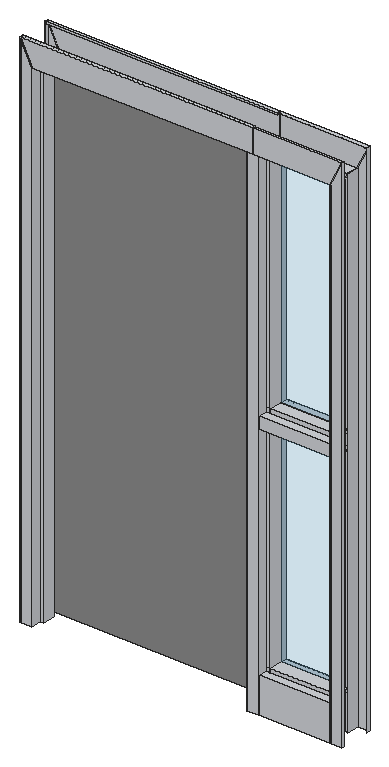
Revit family "SideLight Ext-F-MDMF-36 x 84 -18 LSLT-4 Head", category Doors, host Wall, Revit 2014
Parameters (values of type "Ext-F-MDMF-36" x 84"-18"LSLT-4" Head")
  Width = Door Panel Width  # 3' - 0"
  Wall Thickness [instance] = 0' - 5 3/4"
  URL = ""
  Type Comments = "EXT,"
  Thickness = 0' - 1 3/4"
  Swing Angle [instance] = 90.00°
  Sidelite Width = P1 Width - 0' 2"  # 1' - 0"
  SDI RO Spacing = 0' - 0"
  SDI Panel 1 Width = Leaf Width + 0' 0 3/16"  # 3' - 0"
  SDI No Panels = ""
  SDI Left Sidelite Width = Sidelite Width  # 1' - 0"
  SDI HW Set [instance] = ""
  SDI HW Item LO-2 [instance] = ""
  SDI HW Item LO-1 [instance] = ""
  SDI HW Item KP-2 [instance] = ""
  SDI HW Item KP-1 [instance] = ""
  SDI HW Item HI-2 [instance] = ""
  SDI HW Item HI-1 [instance] = ""
  SDI HW Item HC-2 [instance] = ""
  SDI HW Item HC-1 [instance] = ""
  SDI HW Item ED-2 [instance] = ""
  SDI HW Item ED-1 [instance] = ""
  SDI HW Item DO-2 [instance] = ""
  SDI HW Item DO-1 [instance] = ""
  SDI HW Item CL-2 [instance] = ""
  SDI HW Item CL-1 [instance] = ""
  SDI Glass Material = Glass
  SDI Frame Type = "Left Sidelite"
  SDI Frame Sill Width = 0' - 6"
  SDI Frame Material Type = "Hollow Metal"
  SDI Frame Material = Paint - Generic - Prime
  SDI Frame Manufacturer = ""
  SDI Frame Jamb Width = 0' - 2"
  SDI Frame Head Width = 0' - 4"
  SDI Frame Finish Type = "Painted"
  SDI Frame Finish Color = "Prime"
  SDI Frame Depth [instance] = 0' - 5 3/4"
  SDI Family Version = "1.0"
  SDI Door Panel Type = "F"
  SDI Door Material Type = "Hollow Metal"
  SDI Door Material = Paint - Generic - Prime
  SDI Door Manufacturer = ""
  SDI Door Finish Type = "Painted"
  SDI Door Finish Color = "Prime"
  SDI Door Configuration = "SG"
  SDI Arch Frame Type [instance] = ""
  SDI Arch Frame Material Type [instance] = "HM"
  SDI Arch Door Panel Type [instance] = "F"
  SDI Arch Door Material Type [instance] = "HM"
  SDI Adjacent Wall Placement = 0' - 4"
  Rough Width = Frame Width - 0' 0" + 2 * SDI RO Spacing  # 4' - 6"
  Rough Height = Frame Height - 0' 0" + SDI RO Spacing  # 7' - 4"
  R1 Height = 7' - 2"
  P2 Width = 3' - 2"
  P1 Width = 1' - 2"
  Model = "Ext-F-MDMF-36\" x 84\"-18\"LSLT-4\" Head"
  Manufacturer = ""
  Leaf Width = P2 Width - 0' 2 3/16"  # 2' - 11 13/16"
  Height = Door Panel Height  # 7' - 0"
  Glass Offset [instance] = 0' 2 1/16" + (SDI Frame Depth - 0' 5 3/4") / 2  # 0' - 2 1/16"
  Function = Exterior
  Frame Width = P1 Width + P2 Width + 0' 2"  # 4' - 6"
  Frame Offset [instance] = if(Aligned Exterior, SDI Frame Depth / 2, if(Aligned Center, Wall Thickness / 2, if(Aligned Interior, Wall Thickness - SDI Frame Depth + SDI Frame Depth / 2, Aligned Other)))  # 0' - 2 7/8"
  Frame Height = R1 Height + 0' 2"  # 7' - 4"
  Fire Rating = ""
  Exterior Glazing [instance] = no
  Door Panel Width = P2 Width - 0' 2"  # 3' - 0"
  Door Panel Height = R1 Height + 0' 2" - (0' 4")  # 7' - 0"
  Door Offset [instance] = 0' 2 13/16" + (SDI Frame Depth - 0' 5 3/4") / 2  # 0' - 2 13/16"
  Description = "Hollow Metal Door with Hollow Metal Frame"
  Cost = 0
  Assembly Code = "B2030220"
  Analytic Construction = "<None>"
  Aligned Other [instance] = 0' - 0"
  Aligned Interior [instance] = no
  Aligned Exterior [instance] = yes
  Aligned Center [instance] = no
  ADA Clearance Lines = no
Reference planes (in)
  plane 1: y = 0
  plane 2 "Center (Left/Right)": x = 0
  plane 3 "Wall Edge": y = 2.875
  plane 4 "Wall Interior": y = -2.875
  plane 5 "ModelRefLevel": z = 0
  plane 6 "FrameDepthPlane": y = 0
  plane 7 "FrameFront": y = 2.875
  plane 8 "FrameBack": y = -2.875
  plane 9 "V0": x = 26
  plane 10 "V1": x = 12
  plane 11 "V2": x = -26
  plane 12 "H0": z = 1
  plane 13 "H1": z = 87
  plane 14 "InTermLeftJamb0": x = 25
  plane 15 "OutTermLeftJamb0": x = 27
  plane 16 "OutsideJamb1": x = 11
  plane 17 "InsideJamb1": x = 13
  plane 18 "InTermRightJamb2": x = -25
  plane 19 "OutTermRightJamb2": x = -27
  plane 20 "D0.151041666666667": y = 1.0625
  plane 21 "D0.109375": y = 1.5625
  plane 22 "DoorLeft": x = 11
  plane 23 "DoorRight": x = -25
  plane 24 "DoorCenter": x = -7
  plane 25 "DoorTop": z = 83.875
  plane 26 "DoorCenterTB": z = 41.9375
  plane 27 "DoorExtFace": y = 2.8125
  plane 28 "DoorGlassFace": y = 2.0625
  plane 29 "LockCenterLine": z = 41.3125
  plane 30 "ActDoorRight": x = -24.90625
  plane 31 "SwingClrPlane": y = 62.875
  plane 32 "SwingPartialPlane": y = 50.875
  plane 33 "LeftAdjWall": x = 31
  plane 34: z = 44
Forms (in)
  Extrusion 1, solid
    sketch origin (145.6875, 0, 44) x (-1, 0, 0) y (0, -1, 0)
      loop
        line (118.6875, -2.375) -> (118.6875, -2.875) -> (120.6875, -2.875) -> (120.6875, -0.9375) -> (121.3125, -0.9375) -> (121.3125, 1.3125) -> (120.6875, 1.3125) -> (120.6875, 2.875) -> (118.6875, 2.875) -> (118.6875, 2.4375) -> (118.75, 2.4375) -> (118.75, 2.8125) -> (120.625, 2.8125) -> (120.625, 1.25) -> (121.25, 1.25) -> (121.25, -0.875) -> (120.625, -0.875) -> (120.625, -2.8125) -> (118.75, -2.8125) -> (118.75, -2.375) -> (118.6875, -2.375)
    from -44 to 44
  Extrusion 2, void
    sketch origin (0, 2.875, 0) x (1, 0, 0) y (0, 0, 1)
      loop
        line (27, 88) -> (24.375, 88) -> (24.375, 82.75) -> (27, 88)
    from -12 to 12
  Extrusion 3, solid
    sketch origin (132, 0, 42) x (-1, 0, 0) y (0, -1, 0)
      loop
        line (119, -2.875) -> (121, -2.875) -> (121, -0.9375) -> (121.625, -0.9375) -> (121.625, 1.3125) -> (121, 1.3125) -> (121, 2.875) -> (119, 2.875) -> (119, 1.3125) -> (118.375, 1.3125) -> (118.375, -0.9375) -> (119, -0.9375) -> (119, -2.875)
      loop
        line (119.0625, -2.8125) -> (120.9375, -2.8125) -> (120.9375, -0.875) -> (121.5625, -0.875) -> (121.5625, 1.25) -> (120.9375, 1.25) -> (120.9375, 2.8125) -> (119.0625, 2.8125) -> (119.0625, 1.25) -> (118.4375, 1.25) -> (118.4375, -0.875) -> (119.0625, -0.875) -> (119.0625, -2.8125)
    from -42 to 42
  Extrusion 4, solid
    sketch origin (94.3125, 0, 44) x (-1, 0, 0) y (0, -1, 0)
      loop
        line (121.25, -2.375) -> (121.25, -2.8125) -> (119.375, -2.8125) -> (119.375, -0.875) -> (118.75, -0.875) -> (118.75, 1.25) -> (119.375, 1.25) -> (119.375, 2.8125) -> (121.25, 2.8125) -> (121.25, 2.4375) -> (121.3125, 2.4375) -> (121.3125, 2.875) -> (119.3125, 2.875) -> (119.3125, 1.3125) -> (118.6875, 1.3125) -> (118.6875, -0.9375) -> (119.3125, -0.9375) -> (119.3125, -2.875) -> (121.3125, -2.875) -> (121.3125, -2.375) -> (121.25, -2.375)
    from -44 to 44
  Extrusion 5, void
    sketch origin (0, 2.875, 0) x (1, 0, 0) y (0, 0, 1)
      loop
        line (-27, 88) -> (-24.375, 82.75) -> (-24.375, 88) -> (-27, 88)
    from -12 to 12
  Extrusion 6, solid
    sketch origin (19, 0, 3.3125) x (0, 1, 0) y (0, 0, 1)
      loop
        line (2.375, -3.3125) -> (2.875, -3.3125) -> (2.875, 2.6875) -> (0.9375, 2.6875) -> (0.9375, 3.3125) -> (-1.3125, 3.3125) -> (-1.3125, 2.6875) -> (-2.875, 2.6875) -> (-2.875, -3.3125) -> (-2.4375, -3.3125) -> (-2.4375, -3.25) -> (-2.8125, -3.25) -> (-2.8125, 2.625) -> (-1.25, 2.625) -> (-1.25, 3.25) -> (0.875, 3.25) -> (0.875, 2.625) -> (2.8125, 2.625) -> (2.8125, -3.25) -> (2.375, -3.25) -> (2.375, -3.3125)
    from -6 to 6
  Extrusion 7, solid
    sketch origin (19.5, 0, 85.6875) x (0, 1, 0) y (0, 0, 1)
      loop
        line (2.375, 2.25) -> (2.8125, 2.25) -> (2.8125, -1.625) -> (0.875, -1.625) -> (0.875, -2.25) -> (-1.25, -2.25) -> (-1.25, -1.625) -> (-2.8125, -1.625) -> (-2.8125, 2.25) -> (-2.4375, 2.25) -> (-2.4375, 2.3125) -> (-2.875, 2.3125) -> (-2.875, -1.6875) -> (-1.3125, -1.6875) -> (-1.3125, -2.3125) -> (0.9375, -2.3125) -> (0.9375, -1.6875) -> (2.875, -1.6875) -> (2.875, 2.3125) -> (2.375, 2.3125) -> (2.375, 2.25)
    from -7.5 to 7.5
  Extrusion 8, void
    sketch origin (0, 2.875, 0) x (1, 0, 0) y (0, 0, 1)
      loop
        line (27, 88) -> (24.6875, 83.375) -> (27, 83.375) -> (27, 88)
    from -12 to 12
  Extrusion 9, solid
    sketch origin (-7.5, 0, 85.6875) x (0, 1, 0) y (0, 0, 1)
      loop
        line (2.4375, 1.9375) -> (2.4375, 2.25) -> (2.8125, 2.25) -> (2.8125, -1.625) -> (0.875, -1.625) -> (0.875, -2.25) -> (-1.25, -2.25) -> (-1.25, -1.625) -> (-2.8125, -1.625) -> (-2.8125, 2.25) -> (-2.4375, 2.25) -> (-2.4375, 1.9375) -> (-2.375, 1.9375) -> (-2.375, 2.3125) -> (-2.875, 2.3125) -> (-2.875, -1.6875) -> (-1.3125, -1.6875) -> (-1.3125, -2.3125) -> (0.9375, -2.3125) -> (0.9375, -1.6875) -> (2.875, -1.6875) -> (2.875, 2.3125) -> (2.375, 2.3125) -> (2.375, 1.9375) -> (2.4375, 1.9375)
    from -19.5 to 19.5
  Extrusion 10, void
    sketch origin (0, 2.875, 0) x (1, 0, 0) y (0, 0, 1)
      loop
        line (-27, 88) -> (-27, 83.375) -> (-24.6875, 83.375) -> (-27, 88)
    from -12 to 12
  Extrusion 11, solid, material "Glass" <- "SDI Glass Material"
    sketch origin (-60, 1.0625, -12) x (1, 0, 0) y (0, 0, 1)
      loop
        line (85, 18) -> (85, 55) -> (73, 55) -> (73, 18) -> (85, 18)
      loop
        line (73, 96) -> (73, 57) -> (85, 57) -> (85, 96) -> (73, 96)
    from -0.125 to 0.125
  Extrusion 12, solid, material "Glass" <- "SDI Glass Material", visible <- "Exterior Glazing"
    sketch origin (-60, 1.5625, -12) x (1, 0, 0) y (0, 0, 1)
      loop
        line (85, 18) -> (85, 55) -> (73, 55) -> (73, 18) -> (85, 18)
      loop
        line (73, 96) -> (73, 57) -> (85, 57) -> (85, 96) -> (73, 96)
    from -0.125 to 0.125
  Extrusion 13, solid, material "Paint - Generic - Prime" <- "SDI Door Material"
    sketch origin (-60, 2.8125, -12) x (1, 0, 0) y (0, 0, 1)
      loop
        line (35.09375, 12.625) -> (70.90625, 12.625) -> (70.90625, 95.875) -> (35.09375, 95.875) -> (35.09375, 12.625)
    from 0 to 1.75
  Sweep 14, solid
    path origin (0, 2.875, 0) x (1, 0, 0) y (0, 0, 1)
      loop
        line (25, 44) -> (13, 44)
    profile origin (19, 2.875, 44) x (0, 0, -1) y (0, -1, 0)
      loop
        line (1.5625, 4.125) -> (0.9375, 4.125) -> (0.9375, 5.6875) -> (-0.9375, 5.6875) -> (-0.9375, 4.125) -> (-1.5625, 4.125) -> (-1.5625, 2) -> (-0.9375, 2) -> (-0.9375, 0.0625) -> (0.9375, 0.0625) -> (0.9375, 2) -> (1.5625, 2) -> (1.5625, 4.125)
      loop
        line (-1, 0) -> (1, 0) -> (1, 1.9375) -> (1.625, 1.9375) -> (1.625, 4.1875) -> (1, 4.1875) -> (1, 5.75) -> (-1, 5.75) -> (-1, 4.1875) -> (-1.625, 4.1875) -> (-1.625, 1.9375) -> (-1, 1.9375) -> (-1, 0)
Cuts and joins
  Extrusion 2 cuts Extrusion 1
  Extrusion 5 cuts Extrusion 4
  Extrusion 8 cuts Extrusion 7
  Extrusion 10 cuts Extrusion 9
Lines and regions (in)
  Opening 1
    outline origin (-60, -2.875, 0) x (1, 0, 0) y (0, 0, 1)
      loop
        line (87, 0) -> (87, 88) -> (33, 88) -> (33, 0) -> (87, 0)
  symbolic lines, style "DoorsFrameMullionProjection", detail levels fine
    curve 1: line (27, 2.375, 0) -> (27, 2.875, 0)
    curve 2: line (27, 2.875, 0) -> (25, 2.875, 0)
    curve 3: line (25, 2.875, 0) -> (25, 0.9375, 0)
    curve 4: line (25, 0.9375, 0) -> (24.375, 0.9375, 0)
    curve 5: line (24.375, 0.9375, 0) -> (24.375, -1.3125, 0)
    curve 6: line (24.375, -1.3125, 0) -> (25, -1.3125, 0)
    curve 7: line (25, -1.3125, 0) -> (25, -2.875, 0)
    curve 8: line (25, -2.875, 0) -> (27, -2.875, 0)
    curve 9: line (27, -2.875, 0) -> (27, -2.4375, 0)
    curve 10: line (27, -2.4375, 0) -> (26.9375, -2.4375, 0)
    curve 11: line (26.9375, -2.4375, 0) -> (26.9375, -2.8125, 0)
    curve 12: line (26.9375, -2.8125, 0) -> (25.0625, -2.8125, 0)
    curve 13: line (25.0625, -2.8125, 0) -> (25.0625, -1.25, 0)
    curve 14: line (25.0625, -1.25, 0) -> (24.4375, -1.25, 0)
    curve 15: line (24.4375, -1.25, 0) -> (24.4375, 0.875, 0)
    curve 16: line (24.4375, 0.875, 0) -> (25.0625, 0.875, 0)
    curve 17: line (25.0625, 0.875, 0) -> (25.0625, 2.8125, 0)
    curve 18: line (25.0625, 2.8125, 0) -> (26.9375, 2.8125, 0)
    curve 19: line (26.9375, 2.8125, 0) -> (26.9375, 2.375, 0)
    curve 20: line (26.9375, 2.375, 0) -> (27, 2.375, 0)
    curve 25: line (13, 2.875, 0) -> (11, 2.875, 0)
    curve 26: line (11, 2.875, 0) -> (11, 0.9375, 0)
    curve 27: line (11, 0.9375, 0) -> (10.375, 0.9375, 0)
    curve 28: line (10.375, 0.9375, 0) -> (10.375, -1.3125, 0)
    curve 29: line (10.375, -1.3125, 0) -> (11, -1.3125, 0)
    curve 30: line (11, -1.3125, 0) -> (11, -2.875, 0)
    curve 31: line (11, -2.875, 0) -> (13, -2.875, 0)
    curve 32: line (13, -2.875, 0) -> (13, -1.3125, 0)
    curve 33: line (13, -1.3125, 0) -> (13.625, -1.3125, 0)
    curve 34: line (13.625, -1.3125, 0) -> (13.625, 0.9375, 0)
    curve 35: line (13.625, 0.9375, 0) -> (13, 0.9375, 0)
    curve 36: line (13, 0.9375, 0) -> (13, 2.875, 0)
    curve 37: line (12.9375, 2.8125, 0) -> (11.0625, 2.8125, 0)
    curve 38: line (11.0625, 2.8125, 0) -> (11.0625, 0.875, 0)
    curve 39: line (11.0625, 0.875, 0) -> (10.4375, 0.875, 0)
    curve 40: line (10.4375, 0.875, 0) -> (10.4375, -1.25, 0)
    curve 41: line (10.4375, -1.25, 0) -> (11.0625, -1.25, 0)
    curve 42: line (11.0625, -1.25, 0) -> (11.0625, -2.8125, 0)
    curve 43: line (11.0625, -2.8125, 0) -> (12.9375, -2.8125, 0)
    curve 44: line (12.9375, -2.8125, 0) -> (12.9375, -1.25, 0)
    curve 45: line (12.9375, -1.25, 0) -> (13.5625, -1.25, 0)
    curve 46: line (13.5625, -1.25, 0) -> (13.5625, 0.875, 0)
    curve 47: line (13.5625, 0.875, 0) -> (12.9375, 0.875, 0)
    curve 48: line (12.9375, 0.875, 0) -> (12.9375, 2.8125, 0)
    curve 53: line (-26.9375, 2.375, 0) -> (-26.9375, 2.8125, 0)
    curve 54: line (-26.9375, 2.8125, 0) -> (-25.0625, 2.8125, 0)
    curve 55: line (-25.0625, 2.8125, 0) -> (-25.0625, 0.875, 0)
    curve 56: line (-25.0625, 0.875, 0) -> (-24.4375, 0.875, 0)
    curve 57: line (-24.4375, 0.875, 0) -> (-24.4375, -1.25, 0)
    curve 58: line (-24.4375, -1.25, 0) -> (-25.0625, -1.25, 0)
    curve 59: line (-25.0625, -1.25, 0) -> (-25.0625, -2.8125, 0)
    curve 60: line (-25.0625, -2.8125, 0) -> (-26.9375, -2.8125, 0)
    curve 61: line (-26.9375, -2.8125, 0) -> (-26.9375, -2.4375, 0)
    curve 62: line (-26.9375, -2.4375, 0) -> (-27, -2.4375, 0)
    curve 63: line (-27, -2.4375, 0) -> (-27, -2.875, 0)
    curve 64: line (-27, -2.875, 0) -> (-25, -2.875, 0)
    curve 65: line (-25, -2.875, 0) -> (-25, -1.3125, 0)
    curve 66: line (-25, -1.3125, 0) -> (-24.375, -1.3125, 0)
    curve 67: line (-24.375, -1.3125, 0) -> (-24.375, 0.9375, 0)
    curve 68: line (-24.375, 0.9375, 0) -> (-25, 0.9375, 0)
    curve 69: line (-25, 0.9375, 0) -> (-25, 2.875, 0)
    curve 70: line (-25, 2.875, 0) -> (-27, 2.875, 0)
    curve 71: line (-27, 2.875, 0) -> (-27, 2.375, 0)
    curve 72: line (-27, 2.375, 0) -> (-26.9375, 2.375, 0)
  symbolic lines, style "DoorsFrameMullionProjection", detail levels coarse+medium
    curve 21: line (25, -2.875, 0) -> (27, -2.875, 0)
    curve 22: line (25, 2.875, 0) -> (27, 2.875, 0)
    curve 23: line (25, -2.875, 0) -> (25, 2.875, 0)
    curve 24: line (27, -2.875, 0) -> (27, 2.875, 0)
    curve 49: line (11, -2.875, 0) -> (13, -2.875, 0)
    curve 50: line (11, 2.875, 0) -> (13, 2.875, 0)
    curve 51: line (11, -2.875, 0) -> (11, 2.875, 0)
    curve 52: line (13, -2.875, 0) -> (13, 2.875, 0)
    curve 73: line (-27, -2.875, 0) -> (-25, -2.875, 0)
    curve 74: line (-27, 2.875, 0) -> (-25, 2.875, 0)
    curve 75: line (-27, -2.875, 0) -> (-27, 2.875, 0)
    curve 76: line (-25, -2.875, 0) -> (-25, 2.875, 0)
  symbolic lines, style "Elevation Swing"
    curve 77: line (10.90625, 2.875, 83.875) -> (-24.90625, 2.875, 41.9375)
    curve 78: line (10.90625, 2.875, 0) -> (-24.90625, 2.875, 41.9375)
  symbolic lines, style "ADA Clearance", visible <- "ADA Clearance Lines"
    curve 79: line (-27, 2.875, 0) -> (-27, 62.875, 0)
    curve 80: line (29, 62.875, 0) -> (-27, 62.875, 0)
    curve 81: line (29, 50.875, 0) -> (-27, 50.875, 0)
    curve 82: line (29, 2.875, 0) -> (29, 62.875, 0)
    curve 83: line (-27, -2.875, 0) -> (-27, -50.875, 0)
    curve 84: line (23, -50.875, 0) -> (-27, -50.875, 0)
    curve 85: line (23, -2.875, 0) -> (23, -50.875, 0)
Text (in)
  text "Placement Side" at (0, 40.15149, 123.01588), in view "Right"
  text "Placement Side" at (-70.3804, 28.46503, 0), in view "Ref. Level"
  text "Placement Side" at (0, 81.62555, 140.59947), in view "Left"
Dimensions and locks (in)
  locked: plane 3 "Wall Edge" to host wall
  equal spacing: host wall, plane 2 "Center (Left/Right)", host wall
  "Rough Width": host wall to host wall
  "Rough Height": level to host wall
  equal spacing: plane 3 "Wall Edge", plane 1, plane 4 "Wall Interior"
  "Wall Thickness": host wall to host wall
  "Frame Offset": plane 3 "Wall Edge" to plane 6 "FrameDepthPlane"
  equal spacing: plane 7 "FrameFront", plane 6 "FrameDepthPlane", plane 8 "FrameBack"
  "SDI Frame Depth": plane 7 "FrameFront" to plane 8 "FrameBack"
  equal spacing: plane 9 "V0", plane 2 "Center (Left/Right)", plane 11 "V2"
  "P1 Width": plane 9 "V0" to plane 10 "V1"
  "P2 Width": plane 10 "V1" to plane 11 "V2"
  "R1 Height": plane 12 "H0" to plane 13 "H1"
  locked: plane 13 "H1" to Extrusion 1 at 1
  locked: plane 12 "H0" to Extrusion 1 at 1
  locked: plane 9 "V0" to Extrusion 1 at 1  (x4)
  locked: plane 9 "V0" to Extrusion 1 at 0.9375  (x5)
  locked: plane 9 "V0" to Extrusion 1 at 1.5625
  locked: plane 9 "V0" to Extrusion 1 at 1.625
  locked: plane 9 "V0" to curve 1 at 1
  locked: plane 9 "V0" to curve 2 at 1
  locked: plane 9 "V0" to curve 3 at 1
  locked: plane 9 "V0" to curve 4 at 1
  locked: plane 9 "V0" to curve 5 at 1.625
  locked: plane 9 "V0" to curve 6 at 1.625
  locked: plane 9 "V0" to curve 7 at 1
  locked: plane 9 "V0" to curve 8 at 1
  locked: plane 9 "V0" to curve 9 at 1
  locked: plane 9 "V0" to curve 10 at 1
  locked: plane 9 "V0" to curve 11 at 0.9375
  locked: plane 9 "V0" to curve 12 at 0.9375
  locked: plane 9 "V0" to curve 13 at 0.9375
  locked: plane 9 "V0" to curve 14 at 0.9375
  locked: plane 9 "V0" to curve 15 at 1.5625
  locked: plane 9 "V0" to curve 16 at 1.5625
  locked: plane 9 "V0" to curve 17 at 0.9375
  locked: plane 9 "V0" to curve 18 at 0.9375
  locked: plane 9 "V0" to curve 19 at 0.9375
  locked: plane 9 "V0" to curve 20 at 0.9375
  locked: plane 9 "V0" to plane 15 "OutTermLeftJamb0" at 1
  locked: plane 9 "V0" to plane 14 "InTermLeftJamb0" at 1
  locked: plane 9 "V0" to curve 21 at 1
  locked: plane 9 "V0" to curve 22 at 1
  locked: plane 9 "V0" to curve 23 at 1
  locked: plane 9 "V0" to curve 24 at 1
  locked: plane 13 "H1" to Extrusion 3 at 3
  locked: plane 12 "H0" to Extrusion 3 at 1
  locked: plane 10 "V1" to Extrusion 3 at 1  (x5)
  locked: plane 10 "V1" to Extrusion 3 at 1.625  (x2)
  locked: plane 10 "V1" to Extrusion 3 at 0.9375  (x4)
  locked: plane 10 "V1" to Extrusion 3 at 1.5625  (x2)
  locked: plane 10 "V1" to curve 25 at 1
  locked: plane 10 "V1" to curve 26 at 1
  locked: plane 10 "V1" to curve 27 at 1
  locked: plane 10 "V1" to curve 28 at 1.625
  locked: plane 10 "V1" to curve 29 at 1.625
  locked: plane 10 "V1" to curve 30 at 1
  locked: plane 10 "V1" to curve 31 at 1
  locked: plane 10 "V1" to curve 32 at 1
  locked: plane 10 "V1" to curve 33 at 1
  locked: plane 10 "V1" to curve 34 at 1.625
  locked: plane 10 "V1" to curve 35 at 1.625
  locked: plane 10 "V1" to curve 36 at 1
  locked: plane 10 "V1" to curve 37 at 0.9375
  locked: plane 10 "V1" to curve 38 at 0.9375
  locked: plane 10 "V1" to curve 39 at 0.9375
  locked: plane 10 "V1" to curve 40 at 1.5625
  locked: plane 10 "V1" to curve 41 at 1.5625
  locked: plane 10 "V1" to curve 42 at 0.9375
  locked: plane 10 "V1" to curve 43 at 0.9375
  locked: plane 10 "V1" to curve 44 at 0.9375
  locked: plane 10 "V1" to curve 45 at 0.9375
  locked: plane 10 "V1" to curve 46 at 1.5625
  locked: plane 10 "V1" to curve 47 at 1.5625
  locked: plane 10 "V1" to curve 48 at 0.9375
  locked: plane 10 "V1" to plane 16 "OutsideJamb1" at 1
  locked: plane 10 "V1" to plane 17 "InsideJamb1" at 1
  locked: plane 10 "V1" to curve 49 at 1
  locked: plane 10 "V1" to curve 50 at 1
  locked: plane 10 "V1" to curve 51 at 1
  locked: plane 10 "V1" to curve 52 at 1
  locked: plane 13 "H1" to Extrusion 4 at 1
  locked: plane 12 "H0" to Extrusion 4 at 1
  locked: plane 11 "V2" to Extrusion 4 at 0.9375  (x4)
  locked: plane 11 "V2" to Extrusion 4 at 1  (x5)
  locked: plane 11 "V2" to Extrusion 4 at 1.625
  locked: plane 11 "V2" to Extrusion 4 at 1.5625
  locked: plane 11 "V2" to curve 53 at 0.9375
  locked: plane 11 "V2" to curve 54 at 0.9375
  locked: plane 11 "V2" to curve 55 at 0.9375
  locked: plane 11 "V2" to curve 56 at 0.9375
  locked: plane 11 "V2" to curve 57 at 1.5625
  locked: plane 11 "V2" to curve 58 at 1.5625
  locked: plane 11 "V2" to curve 59 at 0.9375
  locked: plane 11 "V2" to curve 60 at 0.9375
  locked: plane 11 "V2" to curve 61 at 0.9375
  locked: plane 11 "V2" to curve 62 at 0.9375
  locked: plane 11 "V2" to curve 63 at 1
  locked: plane 11 "V2" to curve 64 at 1
  locked: plane 11 "V2" to curve 65 at 1
  locked: plane 11 "V2" to curve 66 at 1
  locked: plane 11 "V2" to curve 67 at 1.625
  locked: plane 11 "V2" to curve 68 at 1.625
  locked: plane 11 "V2" to curve 69 at 1
  locked: plane 11 "V2" to curve 70 at 1
  locked: plane 11 "V2" to curve 71 at 1
  locked: plane 11 "V2" to curve 72 at 1
  locked: plane 11 "V2" to plane 18 "InTermRightJamb2" at 1
  locked: plane 11 "V2" to plane 19 "OutTermRightJamb2" at 1
  locked: plane 11 "V2" to curve 73 at 1
  locked: plane 11 "V2" to curve 74 at 1
  locked: plane 11 "V2" to curve 75 at 1
  locked: plane 11 "V2" to curve 76 at 1
  locked: plane 9 "V0" to Extrusion 6 at 1
  locked: plane 10 "V1" to Extrusion 6 at 1
  locked: plane 12 "H0" to Extrusion 6 at 5  (x2)
  locked: plane 12 "H0" to Extrusion 6 at 5.625
  locked: plane 12 "H0" to Extrusion 6 at 0.9375  (x2)
  locked: plane 12 "H0" to Extrusion 6 at 1  (x3)
  locked: plane 12 "H0" to Extrusion 6 at 4.9375  (x2)
  locked: plane 12 "H0" to Extrusion 6 at 5.5625
  locked: plane 9 "V0" to Extrusion 7 at 1
  locked: plane 13 "H1" to Extrusion 7 at 2.9375  (x2)
  locked: plane 13 "H1" to Extrusion 7 at 3.5625
  locked: plane 13 "H1" to Extrusion 7 at 1  (x2)
  locked: plane 13 "H1" to Extrusion 7 at 0.9375  (x3)
  locked: plane 13 "H1" to Extrusion 7 at 3  (x2)
  locked: plane 13 "H1" to Extrusion 7 at 3.625
  locked: plane 11 "V2" to Extrusion 9 at 1
  locked: plane 13 "H1" to Extrusion 9 at 2.9375  (x2)
  locked: plane 13 "H1" to Extrusion 9 at 3.5625
  locked: plane 13 "H1" to Extrusion 9 at 1  (x2)
  locked: plane 13 "H1" to Extrusion 9 at 0.9375  (x3)
  locked: plane 13 "H1" to Extrusion 9 at 0.625  (x2)
  locked: plane 13 "H1" to Extrusion 9 at 3  (x2)
  locked: plane 13 "H1" to Extrusion 9 at 3.625
  locked: plane 7 "FrameFront" to cut or joined group of Extrusion 1, Extrusion 2 at 1.9375
  locked: plane 7 "FrameFront" to cut or joined group of Extrusion 1, Extrusion 2 at 2
  locked: plane 7 "FrameFront" to cut or joined group of Extrusion 1, Extrusion 2 at 0.0625
  locked: plane 7 "FrameFront" to cut or joined group of Extrusion 1, Extrusion 2 at 0.5
  locked: plane 8 "FrameBack" to cut or joined group of Extrusion 1, Extrusion 2 at 1.5625
  locked: plane 8 "FrameBack" to cut or joined group of Extrusion 1, Extrusion 2 at 0.4375
  locked: plane 8 "FrameBack" to cut or joined group of Extrusion 1, Extrusion 2 at 0.0625
  locked: plane 8 "FrameBack" to cut or joined group of Extrusion 1, Extrusion 2 at 1.625
  locked: plane 7 "FrameFront" to Extrusion 3 at 1.9375  (x2)
  locked: plane 7 "FrameFront" to Extrusion 3 at 0.0625
  locked: plane 7 "FrameFront" to Extrusion 3 at 2  (x2)
  locked: plane 8 "FrameBack" to Extrusion 3 at 1.5625  (x2)
  locked: plane 8 "FrameBack" to Extrusion 3 at 1.625  (x2)
  locked: plane 8 "FrameBack" to Extrusion 3 at 0.0625
  locked: plane 7 "FrameFront" to cut or joined group of Extrusion 4, Extrusion 5 at 0.0625
  locked: plane 7 "FrameFront" to cut or joined group of Extrusion 4, Extrusion 5 at 2
  locked: plane 7 "FrameFront" to cut or joined group of Extrusion 4, Extrusion 5 at 1.9375
  locked: plane 7 "FrameFront" to cut or joined group of Extrusion 4, Extrusion 5 at 0.5
  locked: plane 8 "FrameBack" to cut or joined group of Extrusion 4, Extrusion 5 at 1.625
  locked: plane 8 "FrameBack" to cut or joined group of Extrusion 4, Extrusion 5 at 0.0625
  locked: plane 8 "FrameBack" to cut or joined group of Extrusion 4, Extrusion 5 at 0.4375
  locked: plane 8 "FrameBack" to cut or joined group of Extrusion 4, Extrusion 5 at 1.5625
  locked: plane 7 "FrameFront" to Extrusion 6 at 1.9375
  locked: plane 7 "FrameFront" to Extrusion 6 at 2
  locked: plane 7 "FrameFront" to Extrusion 6 at 0.0625
  locked: plane 7 "FrameFront" to Extrusion 6 at 0.5
  locked: plane 8 "FrameBack" to Extrusion 6 at 1.5625
  locked: plane 8 "FrameBack" to Extrusion 6 at 0.4375
  locked: plane 8 "FrameBack" to Extrusion 6 at 0.0625
  locked: plane 8 "FrameBack" to Extrusion 6 at 1.625
  locked: plane 7 "FrameFront" to cut or joined group of Extrusion 7, Extrusion 8 at 0.0625
  locked: plane 7 "FrameFront" to cut or joined group of Extrusion 7, Extrusion 8 at 2
  locked: plane 7 "FrameFront" to cut or joined group of Extrusion 7, Extrusion 8 at 1.9375
  locked: plane 7 "FrameFront" to cut or joined group of Extrusion 7, Extrusion 8 at 0.5
  locked: plane 8 "FrameBack" to cut or joined group of Extrusion 7, Extrusion 8 at 1.625
  locked: plane 8 "FrameBack" to cut or joined group of Extrusion 7, Extrusion 8 at 0.0625
  locked: plane 8 "FrameBack" to cut or joined group of Extrusion 7, Extrusion 8 at 0.4375
  locked: plane 8 "FrameBack" to cut or joined group of Extrusion 7, Extrusion 8 at 1.5625
  locked: plane 7 "FrameFront" to cut or joined group of Extrusion 9, Extrusion 10 at 0.0625
  locked: plane 7 "FrameFront" to cut or joined group of Extrusion 9, Extrusion 10 at 2
  locked: plane 7 "FrameFront" to cut or joined group of Extrusion 9, Extrusion 10 at 1.9375
  locked: plane 7 "FrameFront" to cut or joined group of Extrusion 9, Extrusion 10 at 0.5
  locked: plane 7 "FrameFront" to cut or joined group of Extrusion 9, Extrusion 10 at 0.4375
  locked: plane 8 "FrameBack" to cut or joined group of Extrusion 9, Extrusion 10 at 1.625
  locked: plane 8 "FrameBack" to cut or joined group of Extrusion 9, Extrusion 10 at 0.0625
  locked: plane 8 "FrameBack" to cut or joined group of Extrusion 9, Extrusion 10 at 0.4375
  locked: plane 8 "FrameBack" to cut or joined group of Extrusion 9, Extrusion 10 at 0.5
  locked: plane 8 "FrameBack" to cut or joined group of Extrusion 9, Extrusion 10 at 1.5625
  locked: plane 7 "FrameFront" to curve 4 at 1.9375
  locked: plane 7 "FrameFront" to curve 16 at 2
  locked: plane 7 "FrameFront" to curve 18 at 0.0625
  locked: plane 7 "FrameFront" to curve 20 at 0.5
  locked: plane 7 "FrameFront" to curve 27 at 1.9375
  locked: plane 7 "FrameFront" to curve 35 at 1.9375
  locked: plane 7 "FrameFront" to curve 37 at 0.0625
  locked: plane 7 "FrameFront" to curve 39 at 2
  locked: plane 7 "FrameFront" to curve 47 at 2
  locked: plane 7 "FrameFront" to curve 54 at 0.0625
  locked: plane 7 "FrameFront" to curve 56 at 2
  locked: plane 7 "FrameFront" to curve 68 at 1.9375
  locked: plane 7 "FrameFront" to curve 72 at 0.5
  locked: plane 8 "FrameBack" to curve 6 at 1.5625
  locked: plane 8 "FrameBack" to curve 10 at 0.4375
  locked: plane 8 "FrameBack" to curve 12 at 0.0625
  locked: plane 8 "FrameBack" to curve 14 at 1.625
  locked: plane 8 "FrameBack" to curve 29 at 1.5625
  locked: plane 8 "FrameBack" to curve 33 at 1.5625
  locked: plane 8 "FrameBack" to curve 41 at 1.625
  locked: plane 8 "FrameBack" to curve 43 at 0.0625
  locked: plane 8 "FrameBack" to curve 45 at 1.625
  locked: plane 8 "FrameBack" to curve 58 at 1.625
  locked: plane 8 "FrameBack" to curve 60 at 0.0625
  locked: plane 8 "FrameBack" to curve 62 at 0.4375
  locked: plane 8 "FrameBack" to curve 66 at 1.5625
  locked: plane 7 "FrameFront" to Extrusion 11 at 1.9375
  locked: plane 7 "FrameFront" to Extrusion 11 at 1.6875
  locked: plane 7 "FrameFront" to Extrusion 12 at 1.4375
  locked: plane 7 "FrameFront" to Extrusion 12 at 1.1875
  locked: plane 10 "V1" to plane 22 "DoorLeft" at 1
  locked: plane 11 "V2" to plane 23 "DoorRight" at 1
  locked: plane 13 "H1" to plane 25 "DoorTop" at 3.125
  equal spacing: plane 25 "DoorTop", plane 26 "DoorCenterTB", plane 5 "ModelRefLevel"
  "Door Offset": plane 6 "FrameDepthPlane" to plane 27 "DoorExtFace"
  "Glass Offset": plane 6 "FrameDepthPlane" to plane 28 "DoorGlassFace"
  locked: plane 29 "LockCenterLine" to plane 5 "ModelRefLevel" at 41.3125
  locked: Extrusion 13 to Extrusion 13 at 1.75
  locked: plane 22 "DoorLeft" to Extrusion 13 at 0.09375
  locked: plane 23 "DoorRight" to Extrusion 13 at 0.09375
  locked: plane 5 "ModelRefLevel" to Extrusion 13 at 0.625
  locked: plane 23 "DoorRight" to plane 30 "ActDoorRight" at 0.09375
  locked: plane 3 "Wall Edge" to plane 31 "SwingClrPlane" at 60
  locked: plane 3 "Wall Edge" to plane 32 "SwingPartialPlane" at 48
  "SDI Adjacent Wall Placement": plane 15 "OutTermLeftJamb0" to plane 33 "LeftAdjWall"
  equal spacing: plane 12 "H0", plane 34, plane 13 "H1"
  equal spacing: Extrusion 12 sketch curve, plane 34, Extrusion 12 sketch curve, locked at 1 each
  plane 9 "V0" to Sweep 14 sketch curve to Sweep 14 sketch curve = 0' - 1" locked, 1' - 0" locked
  aligned and locked: plane 4 "Wall Interior" to host wall
  aligned and locked: Extrusion 7 to plane 10 "V1"
  aligned and locked: plane 10 "V1" to Extrusion 9
  aligned and locked: cut or joined group of Extrusion 1, Extrusion 2 to plane 7 "FrameFront"
  aligned and locked: plane 8 "FrameBack" to cut or joined group of Extrusion 1, Extrusion 2
  aligned and locked: Extrusion 3 to plane 7 "FrameFront"
  aligned and locked: plane 8 "FrameBack" to Extrusion 3
  aligned and locked: cut or joined group of Extrusion 4, Extrusion 5 to plane 7 "FrameFront"
  aligned and locked: plane 8 "FrameBack" to cut or joined group of Extrusion 4, Extrusion 5
  aligned and locked: Extrusion 6 to plane 7 "FrameFront"
  aligned and locked: plane 8 "FrameBack" to Extrusion 6
  aligned and locked: cut or joined group of Extrusion 7, Extrusion 8 to plane 7 "FrameFront"
  aligned and locked: plane 8 "FrameBack" to cut or joined group of Extrusion 7, Extrusion 8
  aligned and locked: cut or joined group of Extrusion 9, Extrusion 10 to plane 7 "FrameFront"
  aligned and locked: plane 8 "FrameBack" to cut or joined group of Extrusion 9, Extrusion 10
  aligned and locked: curve 2 to plane 7 "FrameFront"
  aligned and locked: plane 7 "FrameFront" to curve 22
  aligned and locked: curve 25 to plane 7 "FrameFront"
  aligned and locked: plane 7 "FrameFront" to curve 50
  aligned and locked: curve 70 to plane 7 "FrameFront"
  aligned and locked: plane 7 "FrameFront" to curve 74
  aligned and locked: plane 8 "FrameBack" to curve 8
  aligned and locked: plane 8 "FrameBack" to curve 31
  aligned and locked: plane 8 "FrameBack" to curve 64
  aligned and locked: Extrusion 13 to plane 27 "DoorExtFace"
  aligned and locked: Extrusion 13 to plane 25 "DoorTop"
  aligned and locked: plane 7 "FrameFront" to nested 1
  aligned and locked: plane 30 "ActDoorRight" to nested 1
  aligned and locked: curve 80 to plane 31 "SwingClrPlane"
  aligned and locked: curve 81 to plane 32 "SwingPartialPlane"
  aligned and locked: Extrusion 11 sketch curve to Extrusion 12  (x2)
  aligned and locked: Sweep 14 sketch curve to plane 34
Automatic sketch dimensions
  Opening 1 sketch curve to level = 0' - 0"
  Opening 1 sketch curve to plane 2 "Center (Left/Right)" = 2' - 3"
  plane 2 "Center (Left/Right)" to Opening 1 sketch curve = 2' - 3"
  level to Opening 1 sketch curve = 7' - 4"
  Extrusion 2 sketch curve to plane 9 "V0" = 0' - 1 5/8"
  plane 9 "V0" to Extrusion 2 sketch curve = 0' - 1"
  plane 13 "H1" to Extrusion 2 sketch curve = 0' - 4 1/4"
  Extrusion 2 sketch curve to plane 13 "H1" = 0' - 1"
  Extrusion 1 sketch curve to host wall = 0' - 0"
  host wall to Extrusion 1 sketch curve = 0' - 0"
  Extrusion 1 sketch curve to host wall = 0' - 0 1/2"
  plane 2 "Center (Left/Right)" to Extrusion 1 sketch curve = 2' - 3"  (x2)
  Extrusion 1 sketch curve to host wall = 0' - 0 7/16"
  Extrusion 1 sketch curve to Extrusion 1 sketch curve = 0' - 0 1/16"  (x7)
  plane 2 "Center (Left/Right)" to Extrusion 1 sketch curve = 2' - 1 1/16"  (x2)
  Extrusion 1 sketch curve to host wall = 0' - 0 1/16"  (x2)
  Extrusion 1 sketch curve to Extrusion 1 sketch curve = 0' - 0 9/16"
  Extrusion 1 sketch curve to host wall = 0' - 0 15/16"
  host wall to Extrusion 1 sketch curve = 0' - 1 1/4"
  plane 9 "V0" to curve 1 = 0' - 1"
  curve 3 to curve 4 = 0' - 0 5/8"
  curve 7 to plane 9 "V0" = 0' - 1"
  curve 9 to curve 10 = 0' - 0 1/16"
  curve 12 to curve 7 = 0' - 0 1/16"
  curve 14 to curve 5 = 0' - 0 1/16"
  curve 16 to curve 3 = 0' - 0 1/16"
  curve 1 to curve 18 = 0' - 0 1/16"
  Extrusion 3 sketch curve to host wall = 0' - 0"
  host wall to Extrusion 3 sketch curve = 0' - 0"
  plane 2 "Center (Left/Right)" to Extrusion 3 sketch curve = 1' - 1 5/8"
  Extrusion 3 sketch curve to Extrusion 3 sketch curve = 0' - 0 1/16"  (x10)
  plane 2 "Center (Left/Right)" to Extrusion 3 sketch curve = 1' - 1"
  Extrusion 3 sketch curve to Extrusion 3 sketch curve = 0' - 0 9/16"  (x2)
  Extrusion 3 sketch curve to host wall = 0' - 0 1/16"  (x2)
  plane 2 "Center (Left/Right)" to Extrusion 3 sketch curve = 0' - 11 1/16"  (x2)
  Extrusion 3 sketch curve to host wall = 0' - 0 15/16"  (x2)
  host wall to Extrusion 3 sketch curve = 0' - 1 1/4"  (x2)
  curve 29 to curve 28 = 0' - 0 5/8"
  curve 34 to curve 35 = 0' - 0 5/8"
  curve 37 to curve 25 = 0' - 0 1/16"
  curve 39 to curve 27 = 0' - 0 1/16"
  curve 41 to curve 29 = 0' - 0 1/16"
  curve 31 to curve 43 = 0' - 0 1/16"
  curve 33 to curve 45 = 0' - 0 1/16"
  curve 35 to curve 47 = 0' - 0 1/16"
  curve 50 to plane 17 "InsideJamb1" = 0' - 0"
  curve 51 to plane 16 "OutsideJamb1" = 0' - 0"
  Extrusion 5 sketch curve to plane 11 "V2" = 0' - 1"
  plane 11 "V2" to Extrusion 5 sketch curve = 0' - 1 5/8"
  plane 13 "H1" to Extrusion 5 sketch curve = 0' - 4 1/4"
  Extrusion 5 sketch curve to plane 13 "H1" = 0' - 1"
  host wall to Extrusion 4 sketch curve = 0' - 0"
  Extrusion 4 sketch curve to host wall = 0' - 0"
  Extrusion 4 sketch curve to plane 2 "Center (Left/Right)" = 2' - 0 3/8"
  Extrusion 4 sketch curve to Extrusion 4 sketch curve = 0' - 0 1/16"  (x7)
  Extrusion 4 sketch curve to Extrusion 4 sketch curve = 0' - 0 9/16"  (x2)
  Extrusion 4 sketch curve to host wall = 0' - 0 7/16"
  Extrusion 4 sketch curve to plane 2 "Center (Left/Right)" = 2' - 2 15/16"  (x2)
  Extrusion 4 sketch curve to host wall = 0' - 0 1/2"
  Extrusion 4 sketch curve to host wall = 0' - 0 1/16"  (x2)
  Extrusion 4 sketch curve to host wall = 0' - 0 15/16"
  host wall to Extrusion 4 sketch curve = 0' - 1 1/4"
  plane 11 "V2" to curve 54 = 0' - 0 15/16"
  curve 56 to curve 55 = 0' - 0 5/8"
  curve 60 to plane 11 "V2" = 0' - 0 15/16"
  curve 61 to curve 62 = 0' - 0 1/16"
  curve 65 to curve 58 = 0' - 0 1/16"
  curve 66 to curve 57 = 0' - 0 1/16"
  curve 68 to curve 55 = 0' - 0 1/16"
  curve 53 to curve 70 = 0' - 0 1/16"
  Extrusion 6 sketch curve to host wall = 0' - 0"  (x2)
  Extrusion 6 sketch curve to host wall = 0' - 0 1/16"  (x2)
  Extrusion 6 sketch curve to Extrusion 6 sketch curve = 0' - 0 3/8"
  host wall to Extrusion 6 sketch curve = 0' - 1 5/16"
  Extrusion 6 sketch curve to Extrusion 6 sketch curve = 0' - 0 1/16"  (x7)
  Extrusion 6 sketch curve to host wall = 0' - 0 7/8"
  Extrusion 6 sketch curve to Extrusion 6 sketch curve = 0' - 0 1/2"
  Extrusion 6 sketch curve to level = 0' - 0"  (x2)
  Extrusion 6 sketch curve to plane 12 "H0" = 0' - 4 15/16"  (x2)
  Extrusion 6 sketch curve to Extrusion 6 sketch curve = 0' - 0 9/16"
  Extrusion 8 sketch curve to plane 15 "OutTermLeftJamb0" = 0' - 0"
  Extrusion 8 sketch curve to plane 14 "InTermLeftJamb0" = 0' - 0 5/16"
  plane 13 "H1" to Extrusion 8 sketch curve = 0' - 3 5/8"
  Extrusion 8 sketch curve to plane 13 "H1" = 0' - 1"
  Extrusion 7 sketch curve to host wall = 0' - 0"  (x2)
  Extrusion 7 sketch curve to host wall = 0' - 0 1/16"  (x2)
  Extrusion 7 sketch curve to Extrusion 7 sketch curve = 0' - 0 3/8"
  host wall to Extrusion 7 sketch curve = 0' - 1 5/16"
  Extrusion 7 sketch curve to Extrusion 7 sketch curve = 0' - 0 1/16"  (x7)
  Extrusion 7 sketch curve to host wall = 0' - 0 7/8"
  Extrusion 7 sketch curve to host wall = 0' - 0 1/2"
  level to Extrusion 7 sketch curve = 6' - 11 3/8"
  Extrusion 7 sketch curve to Extrusion 7 sketch curve = 0' - 0 9/16"  (x2)
  Extrusion 7 sketch curve to plane 12 "H0" = 7' - 2 15/16"  (x2)
  Extrusion 10 sketch curve to plane 19 "OutTermRightJamb2" = 0' - 0"
  plane 18 "InTermRightJamb2" to Extrusion 10 sketch curve = 0' - 0 5/16"
  plane 13 "H1" to Extrusion 10 sketch curve = 0' - 3 5/8"
  Extrusion 10 sketch curve to plane 13 "H1" = 0' - 1"
  Extrusion 9 sketch curve to host wall = 0' - 0"  (x2)
  Extrusion 9 sketch curve to host wall = 0' - 0 1/16"  (x2)
  Extrusion 9 sketch curve to host wall = 0' - 0 7/16"
  Extrusion 9 sketch curve to Extrusion 9 sketch curve = 0' - 0 1/16"  (x9)
  host wall to Extrusion 9 sketch curve = 0' - 1 5/16"
  Extrusion 9 sketch curve to host wall = 0' - 0 7/8"
  Extrusion 9 sketch curve to host wall = 0' - 0 1/2"
  level to Extrusion 9 sketch curve = 6' - 11 3/8"
  Extrusion 9 sketch curve to Extrusion 9 sketch curve = 0' - 0 5/8"
  level to Extrusion 9 sketch curve = 7' - 0"
  Extrusion 9 sketch curve to plane 12 "H0" = 7' - 2 5/8"  (x2)
  Extrusion 9 sketch curve to Extrusion 9 sketch curve = 0' - 0 5/16"  (x2)
  Extrusion 11 sketch curve to plane 12 "H0" = 0' - 5"
  plane 13 "H1" to Extrusion 11 sketch curve = 0' - 3"
  Extrusion 13 sketch curve to plane 25 "DoorTop" = 0' - 0"
  plane 18 "InTermRightJamb2" to Extrusion 13 sketch curve = 0' - 0 3/32"
  Extrusion 13 sketch curve to plane 16 "OutsideJamb1" = 0' - 0 3/32"
  plane 12 "H0" to Extrusion 13 sketch curve = 0' - 0 3/8"
  curve 77 to plane 25 "DoorTop" = 0' - 0"
  curve 77 to plane 16 "OutsideJamb1" = 0' - 0 3/32"
  curve 78 to plane 26 "DoorCenterTB" = 0' - 0"
  curve 78 to plane 30 "ActDoorRight" = 0' - 0"
  curve 78 to level = 0' - 0"
  curve 78 to plane 16 "OutsideJamb1" = 0' - 0 3/32"
  curve 79 to host wall = 0' - 0"
  plane 15 "OutTermLeftJamb0" to curve 80 = 0' - 2"
  curve 81 to plane 19 "OutTermRightJamb2" = 0' - 0"
  curve 82 to host wall = 0' - 0"
  curve 83 to plane 19 "OutTermRightJamb2" = 0' - 0"
  host wall to curve 83 = 0' - 0"
  host wall to curve 83 = 4' - 0"
  curve 84 to plane 14 "InTermLeftJamb0" = 0' - 2"
  host wall to curve 85 = 0' - 0"
  Extrusion 12 sketch curve to plane 17 "InsideJamb1" = 0' - 0"  (x2)
  Extrusion 12 sketch curve to plane 12 "H0" = 0' - 5"
  Extrusion 12 sketch curve to plane 25 "DoorTop" = 0' - 0 1/8"
  Extrusion 12 sketch curve to plane 34 = 0' - 1"
  Extrusion 12 sketch curve to plane 14 "InTermLeftJamb0" = 0' - 0"  (x2)
  Extrusion 11 sketch curve to plane 17 "InsideJamb1" = 0' - 0"  (x2)
  Extrusion 11 sketch curve to plane 14 "InTermLeftJamb0" = 0' - 0"  (x2)
  Sweep 14 sketch curve to Sweep 14 sketch curve = 0' - 0 1/16"  (x11)
  profile plane to Sweep 14 sketch curve = 0' - 1 5/8"
  Sweep 14 sketch curve to Sweep 14 sketch curve = 0' - 0 9/16"  (x3)
  Sweep 14 sketch curve to profile plane = 0' - 0 15/16"  (x2)
  plane 7 "FrameFront" to Sweep 14 sketch curve = 0' - 0 1/16"
  Sweep 14 sketch curve to Sweep 14 sketch curve = 0' - 1 7/8"  (x2)
  Sweep 14 sketch curve to Sweep 14 sketch curve = 0' - 2 1/8"  (x2)
  Sweep 14 sketch curve to Sweep 14 sketch curve = 0' - 1 1/2"
  Sweep 14 sketch curve to plane 7 "FrameFront" = 0' - 0"
Nested families (in)
  nested 1: "SingleDoorPlanLines" at (-24.90625, 2.875, 0.625) x (-1, 0, 0) z (0, 0, 1), type "SingleDoorPlanLines"
Definition of nested family "SingleDoorPlanLines"
  Parameters (values of type "SingleDoorPlanLines")
    Width = 3' - 0"
    URL = ""
    Thickness = 0' - 1 3/4"
    Analytic Construction = "<None>"
    Swing Angle = 90.00°
  Reference planes (in)
    plane 1 "Front": y = 0
    plane 2: z = 0
    plane 3 "Right": x = 0
    plane 4 "Left": x = -36
  Lines and regions (in)
    symbolic lines, style "DoorsPanelProjection"
      curve 1: line (0, 0, 0) -> (0, 36, 0)
      curve 2: line (0, 36, 0) -> (-1.75, 36, 0)
      curve 3: line (-1.75, 36, 0) -> (-1.75, 0, 0)
      curve 4: line (-1.75, 0, 0) -> (0, 0, 0)
    model lines, style "InvisibleLines", not visible
      curve 5: line (0, 0, 0) -> (-38.99851, -0.34033, 0)
    symbolic lines, style "Plan Swing"
      curve 6: arc (-35.99863, -0.31416, 0) -> (-25.56667, 25.34453, 0) -> (0, 36, 0) r 36
  Dimensions and locks (in)
    "Thickness": curve 3 to curve 1
    "Width": curve 2 to curve 4
    "Width": plane 4 "Left" to plane 3 "Right"
    "Swing Angle": angle curve 1 to plane 1 "Front"
    locked: plane 1 "Front" to curve 5 (angle 0.50°)
  Automatic sketch dimensions
    curve 6 to plane 1 "Front" = 0' - 0"
    curve 6 to plane 3 "Right" = 0' - 0"
    curve 4 to plane 1 "Front" = 0' - 0"
    curve 4 to plane 3 "Right" = 0' - 0"
